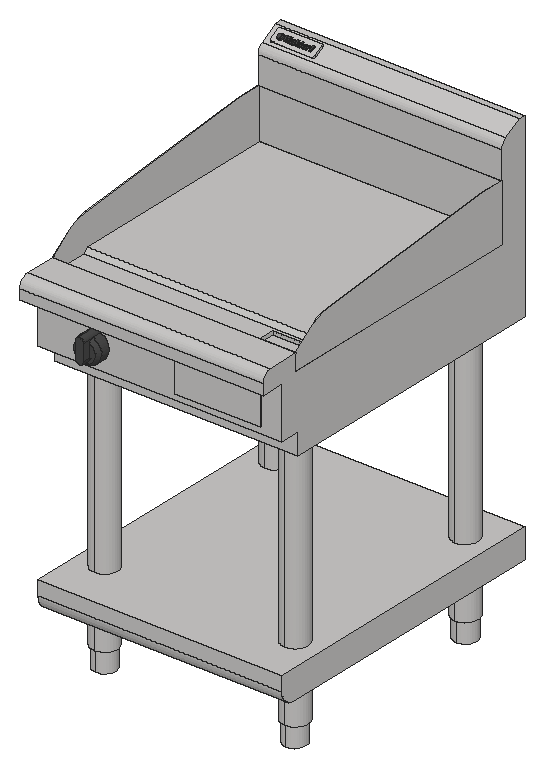
Revit family "QF_MOFFAT WALDORF_GP8600E-LS", category Specialty Equipment, Revit 2012
Parameters
  Weight in Pounds = 260.1452  # constant formula
  Width [instance] = 600.00 mm  # constant formula
  Watts = 7200 W
  Volts = 240 V
  URL Cutsheet = "www.moffat.com"
  URL = "www.moffat.com"
  Type Mark [instance] = ""
  Status [instance] = ""
  Specification by User [instance] = ""
  Specification by Manufacturer = ""
  Show Logo [instance] = yes
  Show Casters [instance] = no
  Serial Number = ""
  Seismic Rating = ""
  SMACNA No = ""
  Revision Code [instance] = ""
  Phase = 1
  Omniclass Number and Title = ""
  Number of Poles = 1
  NAFEM Spec ID Number = ""
  Model = "GP8600E-LS"
  Min Ckt Ampacity = 0 A
  Max Overcurrent Protection = 0 A
  Masterspec = ""
  Manufacturer = "MOFFAT WALDORF"
  Legs [instance] = not(Show Casters)  # yes
  Item Number [instance] = ""
  Installed By [instance] = ""
  Identify Quantity as Lot [instance] = yes
  Height = 1130.00 mm  # constant formula
  HP = ""
  Furnished By [instance] = ""
  Foodservice Equipment Identifier [instance] = yes
  FL Amps = 30 A
  Elec Conn RI Height = 0.00 mm
  Elec Conn Connection Height = 0.00 mm
  Description = "GRIDDLE PLATE ELECTRIC ON LEG STAND"
  Depth [instance] = 805.00 mm  # constant formula
  Cycle = 50 Hz
  Conn Plug = ""
  Conn Conduit = yes
  CSI MasterFormat = ""
  CSI Master Format = ""
  Back Splash [instance] = 215.00 mm  # constant formula
  Apparent Power = if(Phase = 3, Volts * FL Amps * 1.73, Volts * FL Amps)  # 7200 VA
Reference planes
  plane 1 "BACK": y = 0
  plane 2: z = 0
  plane 3 "LEFT": x = 0
  plane 4 "RIGHT": x = 600
  plane 5 "FRONT": y = -805
  plane 6 "TOP": z = 1130
  plane 7 "Center Y": x = 300
  plane 8 "Center X": y = -402.5
  plane 9 "Base Height": z = 150
  plane 10: z = 915
  plane 11: x = 65
  plane 12: x = 534
  plane 13: y = -625
  plane 14: y = -100
  plane 15: x = 470
  plane 16: z = 710
  plane 17: y = -32
Forms (mm)
  Extrusion 1, solid, material "QF_Finishes_Stainless Steel"
    sketch origin (0, 0, 0) x (0, 1, 0) y (0, 0, 1)
      loop
        line (0, 222.5) -> (-749, 222.5) -> (-749, 188)
        arc (-749, 188) -> (-737.87, 161.13) -> (-711, 150) r 38
        line (-711, 150) -> (0, 150) -> (0, 222.5)
      loop
        line (-805, 891) -> (-805, 866) -> (-749, 866) -> (-749, 740) -> (-699, 740) -> (-699, 685) -> (0, 685) -> (0, 1130) -> (-16.5, 1130) -> (-58, 1106.04)
        arc (-58, 1106.04) -> (-66.785, 1097.255) -> (-70, 1085.255) r 24
        line (-70, 1085.255) -> (-70, 875) -> (-705, 875) -> (-705, 915) -> (-781, 915)
        arc (-781, 915) -> (-797.971, 907.971) -> (-805, 891) r 24
    from 0 to 600
  Extrusion 2, solid, material "QF_Finishes_Stainless Steel"
    sketch origin (0, -699, 222.5) x (0, -1, 0) y (1, 0, 0)
      loop
        circle (-599, 65) r 31.75
      loop
        circle (-599, 534) r 31.75
      loop
        circle (-74, 65) r 31.75
      loop
        circle (-74, 534) r 31.75
    from 0 to 462.5
  Revolve 3, solid, material "QF_Finishes_Stainless Steel", visible <- "Legs"
    sketch origin (534, -210, 0) x (0, 1, 0) y (0, 0, -1)
      loop
        line (78.25, -150) -> (110, -150) -> (110, 0) -> (82.5, 0) -> (82.5, -50) -> (78.25, -50) -> (78.25, -150)
      axis (110, -150) -> (110, 0)
    angle from 0 to 360
  Revolve 4, solid, material "QF_Finishes_Stainless Steel"
    sketch origin (534, -735, 0) x (0, 1, 0) y (0, 0, -1)
      loop
        line (78.25, -150) -> (110, -150) -> (110, 0) -> (82.5, 0) -> (82.5, -50) -> (78.25, -50) -> (78.25, -150)
      axis (110, -150) -> (110, 0)
    angle from 0 to 360
  Revolve 5, solid, material "QF_Finishes_Stainless Steel", visible <- "Legs"
    sketch origin (65, -210, 0) x (0, 1, 0) y (0, 0, -1)
      loop
        line (78.25, -150) -> (110, -150) -> (110, 0) -> (82.5, 0) -> (82.5, -50) -> (78.25, -50) -> (78.25, -150)
      axis (110, -150) -> (110, 0)
    angle from 0 to 360
  Revolve 6, solid, material "QF_Finishes_Stainless Steel"
    sketch origin (65, -735, 0) x (0, 1, 0) y (0, 0, -1)
      loop
        line (78.25, -150) -> (110, -150) -> (110, 0) -> (82.5, 0) -> (82.5, -50) -> (78.25, -50) -> (78.25, -150)
      axis (110, -150) -> (110, 0)
    angle from 0 to 360
  Revolve 7, solid, material "QF_Finishes_Black"
    sketch origin (150, 0, 602.373) x (0, 1, 0) y (0, 0, -1)
      loop
        line (-782, -229.5) -> (-759, -229.5) -> (-759, -202) -> (-749, -202) -> (-749, -197) -> (-793, -197) -> (-793, -223.651) -> (-782, -229.5)
      axis (-793, -197) -> (-749, -197)
    angle from 0 to 360
  Extrusion 8, solid, material "QF_Finishes_Black"
    sketch origin (288.27, 0, 602.531) x (-1, 0, 0) y (0, 0, -1)
      loop
        arc (148.269, -184.969) -> (138.269, -174.969) -> (128.269, -184.969) r 10
        line (128.269, -184.969) -> (128.269, -223.969)
        arc (128.269, -223.969) -> (138.269, -233.969) -> (148.269, -223.969) r 10
        line (148.269, -223.969) -> (148.269, -184.969)
    from 759 to 808
  Extrusion 9, solid, material "QF_Finishes_Stainless Steel"
    sketch origin (0, -749, 866) x (0, 0, -1) y (1, 0, 0)
      loop
        line (24, 340) -> (111, 340) -> (111, 550) -> (24, 550) -> (24, 340)
    from 0 to 2.5
  Extrusion 10, solid, material "QF_Finishes_Stainless Steel"
    sketch origin (0, -751.5, 866) x (0, 0, -1) y (1, 0, 0)
      loop
        line (31, 550) -> (24, 550) -> (24, 340) -> (31, 340) -> (31, 550)
    from 0 to 5
  Extrusion 11, void
    sketch origin (0, -704, 740) x (1, 0, 0) y (0, -1, 0)
      loop
        circle (470.171, -672) r 13.5
    from 30 to 68.751
Cuts and joins
  joined: Extrusion 9, Extrusion 10
  Extrusion 11 cuts Extrusion 1
Lines and regions (mm)
  Split face 1
    outline origin (12.5, -16.5, 1130) x (0, -0.866025, -0.5) y (1, 0, 0)
      loop
        line (5.391, 151.462) -> (40.361, 151.462) -> (40.361, 169.241) -> (5.391, 169.241) -> (5.391, 151.462)
  Split face 2
    outline origin (66.25, -16.5, 1130) x (0, -0.866025, -0.5) y (1, 0, 0)
      loop
        line (5.391, 151.462) -> (40.361, 151.462) -> (40.361, 169.241) -> (5.391, 169.241) -> (5.391, 151.462)
  Split face 3
    outline origin (120, -16.5, 1130) x (0, -0.866025, -0.5) y (1, 0, 0)
      loop
        line (5.391, 151.462) -> (40.361, 151.462) -> (40.361, 169.241) -> (5.391, 169.241) -> (5.391, 151.462)
  Split face 4
    outline origin (173.75, -16.5, 1130) x (0, -0.866025, -0.5) y (1, 0, 0)
      loop
        line (5.391, 151.462) -> (40.361, 151.462) -> (40.361, 169.241) -> (5.391, 169.241) -> (5.391, 151.462)
  Split face 5
    outline origin (227.5, -16.5, 1130) x (0, -0.866025, -0.5) y (1, 0, 0)
      loop
        line (5.391, 151.462) -> (40.361, 151.462) -> (40.361, 169.241) -> (5.391, 169.241) -> (5.391, 151.462)
  Split face 6
    outline origin (281.25, -16.5, 1130) x (0, -0.866025, -0.5) y (1, 0, 0)
      loop
        line (5.391, 151.462) -> (40.361, 151.462) -> (40.361, 169.241) -> (5.391, 169.241) -> (5.391, 151.462)
  Split face 7
    outline origin (335, -16.5, 1130) x (0, -0.866025, -0.5) y (1, 0, 0)
      loop
        line (5.391, 151.462) -> (40.361, 151.462) -> (40.361, 169.241) -> (5.391, 169.241) -> (5.391, 151.462)
  symbolic lines
    curve 1: line (0, 0, 0) -> (0, -805, 0)
    curve 2: line (600, 0, 0) -> (0, 0, 0)
    curve 3: line (600, -805, 0) -> (600, 0, 0)
    curve 4: line (0, -70, 0) -> (600, -70, 0)
    curve 5: line (0, -805, 0) -> (600, -805, 0)
    curve 6: line (12.5, -20.958, 0) -> (121.5, -20.958, 0)
    curve 7: line (12.5, -51.234, 0) -> (12.5, -20.958, 0)
    curve 8: line (121.5, -20.958, 0) -> (121.5, -51.234, 0)
    curve 9: line (12.5, -51.234, 0) -> (121.5, -51.234, 0)
    curve 10: line (181.741, -21.168, 0) -> (181.741, -51.453, 0)
    curve 11: line (181.741, -51.453, 0) -> (163.962, -51.453, 0)
    curve 12: line (163.962, -51.453, 0) -> (163.962, -21.168, 0)
    curve 13: line (163.962, -21.168, 0) -> (181.741, -21.168, 0)
    curve 14: line (217.712, -51.453, 0) -> (217.712, -21.168, 0)
    curve 15: line (217.712, -21.168, 0) -> (235.491, -21.168, 0)
    curve 16: line (235.491, -21.168, 0) -> (235.491, -51.453, 0)
    curve 17: line (235.491, -51.453, 0) -> (217.712, -51.453, 0)
    curve 18: line (271.462, -51.453, 0) -> (271.462, -21.168, 0)
    curve 19: line (271.462, -21.168, 0) -> (289.241, -21.168, 0)
    curve 20: line (289.241, -21.168, 0) -> (289.241, -51.453, 0)
    curve 21: line (289.241, -51.453, 0) -> (271.462, -51.453, 0)
    curve 22: line (325.212, -21.168, 0) -> (325.212, -51.453, 0)
    curve 23: line (325.212, -51.453, 0) -> (342.991, -51.453, 0)
    curve 24: line (342.991, -51.453, 0) -> (342.991, -21.168, 0)
    curve 25: line (342.991, -21.168, 0) -> (325.212, -21.168, 0)
    curve 26: line (378.962, -51.453, 0) -> (378.962, -21.168, 0)
    curve 27: line (378.962, -21.168, 0) -> (396.741, -21.168, 0)
    curve 28: line (396.741, -21.168, 0) -> (396.741, -51.453, 0)
    curve 29: line (396.741, -51.453, 0) -> (378.962, -51.453, 0)
    curve 30: line (432.712, -21.168, 0) -> (432.712, -51.453, 0)
    curve 31: line (432.712, -51.453, 0) -> (450.491, -51.453, 0)
    curve 32: line (450.491, -51.453, 0) -> (450.491, -21.168, 0)
    curve 33: line (450.491, -21.168, 0) -> (432.712, -21.168, 0)
    curve 34: line (486.462, -51.453, 0) -> (486.462, -21.168, 0)
    curve 35: line (486.462, -21.168, 0) -> (504.241, -21.168, 0)
    curve 36: line (504.241, -21.168, 0) -> (504.241, -51.453, 0)
    curve 37: line (504.241, -51.453, 0) -> (486.462, -51.453, 0)
Dimensions and locks
  equal spacing: plane 3 "LEFT", plane 7 "Center Y", plane 4 "RIGHT"
  "Width": plane 3 "LEFT" to plane 4 "RIGHT"
  equal spacing: plane 5 "FRONT", plane 8 "Center X", plane 1 "BACK"
  "Depth": plane 5 "FRONT" to plane 1 "BACK"
  locked: plane 10 to level at 915
  locked: plane 9 "Base Height" to level at 150
  plane 6 "TOP" to nested 1 to nested 1 to plane 10 = 1.099 mm locked, 17.226 mm locked, 196.675 mm
  plane 13 to plane 14 = 525.00 mm
  plane 12 to plane 11 = 469.00 mm
  "Height": plane 6 "TOP" to level
  plane 15 to plane 4 "RIGHT" = 130.00 mm
  plane 16 to level = 710.00 mm
  plane 17 to plane 1 "BACK" = 32.00 mm
  aligned and locked: level to plane 2
Automatic sketch dimensions
  plane 1 "BACK" to curve 1 = 0.00 mm
  curve 1 to plane 3 "LEFT" = 0.00 mm
  curve 3 to plane 4 "RIGHT" = 0.00 mm
  plane 5 "FRONT" to curve 5 = 0.00 mm
  plane 3 "LEFT" to curve 6 = 12.50 mm
  plane 11 to curve 9 = 56.50 mm
  plane 14 to curve 4 = 30.00 mm
  curve 4 to curve 7 = 18.766 mm
  plane 1 "BACK" to curve 6 = 20.958 mm
  Extrusion 1 sketch curve to plane 5 "FRONT" = 0.00 mm
  Extrusion 1 sketch curve to plane 10 = 0.00 mm
  Extrusion 1 sketch curve to plane 9 "Base Height" = 0.00 mm
  Extrusion 1 sketch curve to plane 6 "TOP" = 0.00 mm
  Extrusion 1 sketch curve to plane 1 "BACK" = 0.00 mm  (x2)
  Extrusion 1 sketch curve to plane 5 "FRONT" = 24.00 mm
  Extrusion 1 sketch curve to plane 5 "FRONT" = 56.00 mm  (x2)
  Extrusion 1 sketch curve to Extrusion 1 sketch curve = 38.00 mm
  Extrusion 1 sketch curve to Extrusion 1 sketch curve = 44.00 mm
  Extrusion 1 sketch curve to Extrusion 1 sketch curve = 50.00 mm
  plane 14 to Extrusion 1 sketch curve = 30.00 mm
  Extrusion 1 sketch curve to Extrusion 1 sketch curve = 12.00 mm  (x2)
  Extrusion 1 sketch curve to Extrusion 1 sketch curve = 16.50 mm
  Extrusion 1 sketch curve to Extrusion 1 sketch curve = 72.50 mm
  Extrusion 1 sketch curve to plane 10 = 230.00 mm
  Extrusion 1 sketch curve to Extrusion 1 sketch curve = 55.00 mm
  Extrusion 1 sketch curve to Extrusion 1 sketch curve = 25.00 mm
  Extrusion 1 sketch curve to plane 10 = 40.00 mm
  Extrusion 1 sketch curve to plane 6 "TOP" = 44.745 mm
  Extrusion 2 sketch curve to Extrusion 2 sketch curve = 0.00 mm  (x8)
  Extrusion 1 to Extrusion 2 sketch curve = 68.25 mm  (x2)
  Extrusion 2 sketch curve to Extrusion 2 sketch curve = 31.75 mm  (x4)
  Extrusion 1 to Extrusion 2 sketch curve = 155.75 mm  (x2)
  Extrusion 1 to Extrusion 2 sketch curve = 65.00 mm  (x2)
  Extrusion 1 to Extrusion 2 sketch curve = 66.00 mm  (x2)
  Revolve 3 sketch curve to plane 9 "Base Height" = 0.00 mm
  Revolve 3 sketch curve to level = 0.00 mm
  Revolve 3 sketch curve to plane 14 = 0.00 mm  (x2)
  Revolve 3 sketch curve to plane 14 = 27.50 mm
  Revolve 3 sketch curve to plane 14 = 31.75 mm
  level to Revolve 3 sketch curve = 50.00 mm
  Revolve 3 sketch curve to Revolve 3 sketch curve = 0.00 mm
  Revolve 3 sketch curve to Revolve 3 sketch curve = 55.00 mm
  Revolve 4 sketch curve to plane 9 "Base Height" = 0.00 mm
  Revolve 4 sketch curve to level = 0.00 mm
  Revolve 4 sketch curve to plane 13 = 0.00 mm  (x2)
  Revolve 4 sketch curve to plane 13 = 27.50 mm
  Revolve 4 sketch curve to plane 13 = 31.75 mm
  level to Revolve 4 sketch curve = 50.00 mm
  Revolve 4 sketch curve to Revolve 4 sketch curve = 0.00 mm
  Revolve 4 sketch curve to Revolve 4 sketch curve = 55.00 mm
  Revolve 5 sketch curve to plane 9 "Base Height" = 0.00 mm
  Revolve 5 sketch curve to level = 0.00 mm
  Revolve 5 sketch curve to plane 14 = 0.00 mm  (x2)
  Revolve 5 sketch curve to plane 14 = 27.50 mm
  Revolve 5 sketch curve to plane 14 = 31.75 mm
  level to Revolve 5 sketch curve = 50.00 mm
  Revolve 5 sketch curve to Revolve 5 sketch curve = 0.00 mm
  Revolve 5 sketch curve to Revolve 5 sketch curve = 55.00 mm
  Revolve 6 sketch curve to plane 9 "Base Height" = 0.00 mm
  Revolve 6 sketch curve to level = 0.00 mm
  Revolve 6 sketch curve to plane 13 = 0.00 mm  (x2)
  Revolve 6 sketch curve to plane 13 = 27.50 mm
  Revolve 6 sketch curve to plane 13 = 31.75 mm
  level to Revolve 6 sketch curve = 50.00 mm
  Revolve 6 sketch curve to Revolve 6 sketch curve = 0.00 mm
  Revolve 6 sketch curve to Revolve 6 sketch curve = 55.00 mm
  Extrusion 1 to Split face 1 sketch curve = 5.391 mm
  Split face 1 sketch curve to Extrusion 1 = 7.559 mm
  Split face 1 sketch curve to Extrusion 1 = 163.962 mm
  Split face 1 sketch curve to Split face 1 sketch curve = 17.779 mm
  Extrusion 1 to Split face 2 sketch curve = 5.391 mm
  Split face 2 sketch curve to Extrusion 1 = 7.559 mm
  Split face 2 sketch curve to Extrusion 1 = 217.712 mm
  Split face 2 sketch curve to Split face 2 sketch curve = 17.779 mm
  Extrusion 1 to Split face 3 sketch curve = 5.391 mm
  Split face 3 sketch curve to Extrusion 1 = 7.559 mm
  Split face 3 sketch curve to Extrusion 1 = 271.462 mm
  Split face 3 sketch curve to Split face 3 sketch curve = 17.779 mm
  Extrusion 1 to Split face 4 sketch curve = 5.391 mm
  Split face 4 sketch curve to Extrusion 1 = 7.559 mm
  Split face 4 sketch curve to Extrusion 1 = 274.788 mm
  Split face 4 sketch curve to Split face 4 sketch curve = 17.779 mm
  Extrusion 1 to Split face 5 sketch curve = 5.391 mm
  Split face 5 sketch curve to Extrusion 1 = 7.559 mm
  Split face 5 sketch curve to Extrusion 1 = 221.038 mm
  Split face 5 sketch curve to Split face 5 sketch curve = 17.779 mm
  Extrusion 1 to Split face 6 sketch curve = 5.391 mm
  Split face 6 sketch curve to Extrusion 1 = 7.559 mm
  Split face 6 sketch curve to Extrusion 1 = 167.288 mm
  Split face 6 sketch curve to Split face 6 sketch curve = 17.779 mm
  Extrusion 1 to Split face 7 sketch curve = 5.391 mm
  Split face 7 sketch curve to Extrusion 1 = 7.559 mm
  Split face 7 sketch curve to Extrusion 1 = 113.538 mm
  Split face 7 sketch curve to Split face 7 sketch curve = 17.779 mm
  curve 8 to curve 12 = 42.462 mm
  curve 12 to curve 13 = 17.779 mm
  curve 12 to curve 8 = 0.219 mm
  plane 1 "BACK" to curve 10 = 21.168 mm
  curve 10 to curve 15 = 35.971 mm
  curve 14 to curve 17 = 17.779 mm
  curve 10 to curve 17 = 0.00 mm
  plane 1 "BACK" to curve 15 = 21.168 mm
  curve 18 to plane 7 "Center Y" = 28.538 mm
  curve 21 to plane 7 "Center Y" = 10.759 mm
  curve 16 to curve 18 = 0.00 mm
  plane 1 "BACK" to curve 20 = 21.168 mm
  plane 7 "Center Y" to curve 23 = 25.212 mm
  curve 22 to curve 25 = 17.779 mm
  plane 14 to curve 24 = 48.547 mm
  plane 1 "BACK" to curve 25 = 21.168 mm
  curve 24 to curve 27 = 35.971 mm
  curve 26 to curve 29 = 17.779 mm
  plane 14 to curve 29 = 48.547 mm
  plane 1 "BACK" to curve 26 = 21.168 mm
  curve 28 to curve 30 = 35.971 mm
  curve 30 to curve 33 = 17.779 mm
  plane 14 to curve 32 = 48.547 mm
  plane 1 "BACK" to curve 33 = 21.168 mm
  curve 31 to curve 34 = 35.971 mm
  curve 34 to curve 37 = 17.779 mm
  plane 14 to curve 37 = 48.547 mm
  plane 1 "BACK" to curve 34 = 21.168 mm
  Revolve 7 sketch curve to plane 5 "FRONT" = 12.00 mm
  Revolve 7 sketch curve to Revolve 7 sketch curve = 0.00 mm  (x2)
  Revolve 7 sketch curve to Revolve 7 sketch curve = 11.00 mm
  Revolve 7 sketch curve to Revolve 7 sketch curve = 12.70 mm
  Revolve 7 sketch curve to Revolve 7 sketch curve = 23.00 mm
  Revolve 7 sketch curve to Revolve 7 sketch curve = 10.00 mm
  plane 9 "Base Height" to Revolve 7 sketch curve = 681.873 mm
  Revolve 7 sketch curve to Revolve 7 sketch curve = 5.849 mm
  Revolve 7 sketch curve to Revolve 7 sketch curve = 27.50 mm
  Revolve 7 sketch curve to Revolve 7 sketch curve = 5.00 mm
  plane 11 to Extrusion 8 sketch curve = 95.001 mm
  Extrusion 8 sketch curve to Extrusion 8 sketch curve = 10.00 mm
  plane 9 "Base Height" to Extrusion 8 sketch curve = 676.50 mm
  plane 9 "Base Height" to Extrusion 8 sketch curve = 637.50 mm
  Extrusion 10 sketch curve to Extrusion 9 = 0.00 mm  (x2)
  Extrusion 9 to Extrusion 10 sketch curve = 0.00 mm
  Extrusion 10 sketch curve to Extrusion 9 = 7.00 mm
  Extrusion 1 to Extrusion 9 sketch curve = 24.00 mm
  Extrusion 9 sketch curve to Extrusion 1 = 15.00 mm
  Extrusion 1 to Extrusion 9 sketch curve = 260.00 mm
  Extrusion 1 to Extrusion 9 sketch curve = 50.00 mm
  Extrusion 11 sketch curve to Extrusion 1 = 129.829 mm
  Extrusion 11 sketch curve to Extrusion 1 = 667.00 mm
  radius of Extrusion 11 sketch curve = 13.50 mm
Nested families
  nested 1: "WALDORF-LOGO" at (12.5, -35.273, 1102.604), visible <- "Show Logo", type "WALDORF-LOGO", detail levels medium+fine
    with Type Mark "", Status "", Specification by User "", Revision Code "", Item Number "", Installed By "", Identify Quantity as Lot yes, Furnished By "", Foodservice Equipment Identifier yes
  nested 2: "GP8600E-LS-CASTERS" at (65, -127.5, 0), Show Casters <- "Show Casters", visible <- "Show Casters", type "GP8600E-LS-CASTERS"
    with Type Mark "", Status "", Specification by User "", Show Casters no, Revision Code "", Item Number "", Installed By "", Identify Quantity as Lot yes, Furnished By "", Foodservice Equipment Identifier yes
  nested 3: "GP8600E-LS-CASTERS" at (535, -127.5, 0), Show Casters <- "Show Casters", visible <- "Show Casters", type "GP8600E-LS-CASTERS"
    with Type Mark "", Status "", Specification by User "", Show Casters no, Revision Code "", Item Number "", Installed By "", Identify Quantity as Lot yes, Furnished By "", Foodservice Equipment Identifier yes
  nested 4: "GAS GRIDDLE PLATE" at (0, -70, 884.5), type "GAS GRIDDLE PLATE"
    with Type Mark "", Status "", Specification by User "", Show Clearance yes, Revision Code "", Number of Poles 1, Mechanical Remarks "", Mechanical Connection Type "", Item Number "", Installed By "", Identify Quantity as Lot yes, Gas RI Height 0.00 mm, Gas KW 0, Gas Input 0.0 Btu/h, Furnished By "", Foodservice Equipment Identifier yes, Electrical Remarks "", Electric Connection Type "", Elec Conn RI Height 0.00 mm, Elec Conn Connection Height 0.00 mm
Connectors
  electrical at (470.171, -32, 710), driven by "Volts", driven by "Watts"
    settings: on cut or joined group of Extrusion 1, Extrusion 11, index 1, voltage 240 V, apparent load 7200 VA, apparent load phase1 0 VA, apparent load phase2 0 VA, apparent load phase3 0 VA, power factor 1, load classification "Other", number of poles 1, system type 30, power factor state 1, is connector primary yes, connector utility no, sub classification motor no, connector description "ELEECTRICAL CONNECTION"
Definition of nested family "WALDORF-LOGO"
  Parameters (values of type "BT8300-CB-LOGO")
    Weight in Pounds = 0
    URL Cutsheet = ""
    Type Mark [instance] = ""
    Status [instance] = ""
    Specification by User [instance] = ""
    Specification by Manufacturer = ""
    Show Logo [instance] = yes
    Serial Number = ""
    Seismic Rating = ""
    SMACNA No = ""
    Revision Code [instance] = ""
    Omniclass Number and Title = ""
    NAFEM Spec ID Number = ""
    Masterspec = ""
    Item Number [instance] = ""
    Installed By [instance] = ""
    Identify Quantity as Lot [instance] = yes
    Furnished By [instance] = ""
    Foodservice Equipment Identifier [instance] = yes
    CSI MasterFormat = ""
    CSI Master Format = ""
  Reference planes
    plane 1 "BACK": y = 0
    plane 2: z = 0
    plane 3 "LEFT": x = 0
    plane 4 "RIGHT": x = 109
    plane 5 "FRONT": y = -1.588
    plane 6 "TOP": z = 34.14
    plane 7 "Center Y": x = 54.5
    plane 8 "Center X": y = -0.794
  Forms (mm)
    Extrusion 1, solid, material "QF_Finishes_Stainless Steel", visible <- "Show Logo"
      sketch origin (0, -15.16, 7.701) x (1, 0, 0) y (0, 0.863373, 0.504566)
        loop
          arc (5, 34.14) -> (1.464, 32.676) -> (0, 29.14) r 5
          line (0, 29.14) -> (0, 5)
          arc (0, 5) -> (1.464, 1.464) -> (5, 0) r 5
          line (5, 0) -> (104, 0)
          arc (104, 0) -> (107.536, 1.464) -> (109, 5) r 5
          line (109, 5) -> (109, 29.14)
          arc (109, 29.14) -> (107.536, 32.676) -> (104, 34.14) r 5
          line (104, 34.14) -> (5, 34.14)
      from 0 to 1.588
    Extrusion 2, solid, material "QF_Finishes_Black", visible <- "Show Logo"
      sketch origin (0, -15.961, 9.072) x (1, 0, 0) y (0, 0.863373, 0.504566)
        loop
          line (24.772, 23.214) -> (27.992, 10.301) -> (31.551, 10.301) -> (33.443, 17.364) -> (35.205, 10.301) -> (39.332, 10.301) -> (42.077, 23.214) -> (38.352, 23.214) -> (36.676, 15.33) -> (35, 23.214) -> (31.752, 23.214) -> (30.076, 15.33) -> (28.4, 23.214) -> (24.772, 23.214)
        loop
          line (42.272, 17.055) -> (45.703, 17.055)
          spline (45.703, 17.055) -> (45.741, 17.285) -> (45.852, 17.499) -> (46.028, 17.682) -> (46.258, 17.823) -> (46.526, 17.912) -> (46.813, 17.942) -> (47.1, 17.912) -> (47.368, 17.823) -> (47.597, 17.682) -> (47.774, 17.499) -> (47.884, 17.285) -> (47.922, 17.055)
          line (47.922, 17.055) -> (47.922, 16.222)
          arc (47.922, 16.222) -> (45.742, 16.014) -> (43.665, 15.317) r 9.604
          arc (43.665, 15.317) -> (41.924, 12.809) -> (43.665, 10.301) r 2.677
          arc (43.665, 10.301) -> (45.527, 10.353) -> (47.332, 10.816) r 8.365
          line (47.332, 10.816) -> (48.092, 11.105) -> (48.092, 10.301) -> (51.817, 10.301) -> (51.817, 17.055)
          spline (51.817, 17.055) -> (51.654, 17.821) -> (51.178, 18.535) -> (50.419, 19.148) -> (49.431, 19.619) -> (48.28, 19.914) -> (47.044, 20.015) -> (45.809, 19.914) -> (44.658, 19.619) -> (43.67, 19.148) -> (42.911, 18.535) -> (42.434, 17.821) -> (42.272, 17.055)
        loop
          line (53.151, 23.214) -> (53.151, 10.301) -> (57.37, 10.301) -> (57.37, 23.214) -> (53.151, 23.214)
        loop
          line (64.874, 23.214) -> (64.874, 18.857)
          arc (64.874, 18.857) -> (58.083, 15.11) -> (64.874, 11.363) r 4.429
          line (64.874, 11.363) -> (64.874, 10.301) -> (68.378, 10.301) -> (68.378, 23.214) -> (64.874, 23.214)
        loop
          arc (64.874, 16.083) -> (61.41, 14.987) -> (64.874, 13.891) r 1.905
          line (64.874, 13.891) -> (64.874, 16.083)
        loop
          circle (74.623, 15.223) r 5
        loop
          spline (74.623, 17.856) -> (74.355, 17.766) -> (74.105, 17.503) -> (73.891, 17.084) -> (73.726, 16.539) -> (73.623, 15.904) -> (73.588, 15.223) -> (73.623, 14.541) -> (73.726, 13.906) -> (73.891, 13.361) -> (74.105, 12.942) -> (74.355, 12.679) -> (74.623, 12.59)
          spline (74.623, 12.59) -> (74.891, 12.679) -> (75.141, 12.942) -> (75.355, 13.361) -> (75.52, 13.906) -> (75.623, 14.541) -> (75.659, 15.223) -> (75.623, 15.904) -> (75.52, 16.539) -> (75.355, 17.084) -> (75.141, 17.503) -> (74.891, 17.766) -> (74.623, 17.856)
        loop
          line (81.255, 19.813) -> (81.255, 10.301) -> (84.834, 10.301) -> (84.834, 14.176)
          arc (84.834, 14.176) -> (85.854, 16.093) -> (88.013, 16.32) r 2.313
          line (88.013, 16.32) -> (88.013, 19.813) -> (87.161, 19.813)
          arc (87.161, 19.813) -> (85.526, 19.266) -> (84.549, 17.844) r 2.717
          line (84.549, 17.844) -> (84.549, 19.813) -> (81.255, 19.813)
        loop
          line (90.249, 19.813) -> (88.91, 19.813) -> (88.91, 17.614) -> (90.249, 17.614) -> (90.249, 10.301) -> (93.998, 10.301) -> (93.998, 17.614) -> (95.418, 17.614) -> (95.418, 19.813) -> (93.998, 19.813)
          arc (93.998, 19.813) -> (94.414, 20.817) -> (95.418, 21.233) r 1.42
          line (95.418, 21.233) -> (95.418, 23.602) -> (93.317, 23.602)
          arc (93.317, 23.602) -> (91.343, 22.903) -> (90.249, 21.118) r 3.137
          line (90.249, 21.118) -> (90.249, 19.813)
        loop
          arc (15.241, 23.571) -> (8.392, 16.525) -> (15.241, 9.479) r 7.049
          line (15.241, 9.479) -> (15.241, 23.571)
        loop
          line (15.641, 23.571) -> (15.641, 9.479)
          arc (15.641, 9.479) -> (22.49, 16.525) -> (15.641, 23.571) r 7.049
        loop
          arc (47.922, 14.711) -> (46.266, 13.749) -> (47.922, 12.787) r 1.107
          line (47.922, 12.787) -> (47.922, 14.711)
      from 0 to 0.2
  Dimensions and locks
    equal spacing: plane 3 "LEFT", plane 7 "Center Y", plane 4 "RIGHT"
    plane 3 "LEFT" to plane 4 "RIGHT" = 109.00 mm
    equal spacing: plane 5 "FRONT", plane 8 "Center X", plane 1 "BACK"
    plane 5 "FRONT" to plane 1 "BACK" = 1.588 mm
    aligned and locked: level to plane 2
  Automatic sketch dimensions
    Extrusion 1 sketch curve to plane 3 "LEFT" = 0.00 mm
    Extrusion 1 sketch curve to plane 4 "RIGHT" = 0.00 mm
    plane 3 "LEFT" to Extrusion 1 sketch curve = 5.00 mm  (x2)
    plane 4 "RIGHT" to Extrusion 1 sketch curve = 5.00 mm  (x2)
    Extrusion 1 sketch curve to Extrusion 1 sketch curve = 24.14 mm
    Extrusion 2 sketch curve to Extrusion 2 sketch curve = 0.00 mm  (x14)
    Extrusion 2 sketch curve to Extrusion 1 = 15.241 mm
    Extrusion 2 sketch curve to Extrusion 2 sketch curve = 0.20 mm
    Extrusion 2 sketch curve to Extrusion 2 sketch curve = 0.40 mm
    Extrusion 2 sketch curve to Extrusion 2 sketch curve = 9.131 mm
    Extrusion 2 sketch curve to Extrusion 1 = 10.301 mm  (x2)
    Extrusion 2 sketch curve to Extrusion 2 sketch curve = 12.351 mm
    Extrusion 2 sketch curve to Extrusion 2 sketch curve = 3.628 mm
    Extrusion 2 sketch curve to Extrusion 2 sketch curve = 2.084 mm
    Extrusion 2 sketch curve to Extrusion 2 sketch curve = 3.559 mm
    Extrusion 2 sketch curve to Extrusion 1 = 10.926 mm  (x2)
    Extrusion 2 sketch curve to Extrusion 2 sketch curve = 3.352 mm  (x2)
    Extrusion 2 sketch curve to Extrusion 2 sketch curve = 3.367 mm
    Extrusion 2 sketch curve to Extrusion 2 sketch curve = 3.249 mm
    Extrusion 2 sketch curve to Extrusion 2 sketch curve = 3.654 mm
    Extrusion 2 sketch curve to Extrusion 1 = 15.33 mm
    Extrusion 2 sketch curve to Extrusion 2 sketch curve = 3.233 mm
    Extrusion 2 sketch curve to Extrusion 2 sketch curve = 4.128 mm
    Extrusion 2 sketch curve to Extrusion 2 sketch curve = 3.725 mm
    Extrusion 2 sketch curve to Extrusion 2 sketch curve = 5.596 mm
    Extrusion 2 sketch curve to Extrusion 2 sketch curve = 4.333 mm
    Extrusion 2 sketch curve to Extrusion 2 sketch curve = 1.394 mm
    Extrusion 2 sketch curve to Extrusion 2 sketch curve = 2.092 mm
    Extrusion 2 sketch curve to Extrusion 2 sketch curve = 0.936 mm
    Extrusion 2 sketch curve to Extrusion 2 sketch curve = 1.34 mm
    Extrusion 2 sketch curve to Extrusion 2 sketch curve = 1.109 mm
    Extrusion 2 sketch curve to Extrusion 2 sketch curve = 0.232 mm
    Extrusion 2 sketch curve to Extrusion 2 sketch curve = 2.731 mm
    Extrusion 2 sketch curve to Extrusion 2 sketch curve = 0.549 mm  (x2)
    Extrusion 2 sketch curve to Extrusion 2 sketch curve = 0.407 mm
    Extrusion 2 sketch curve to Extrusion 2 sketch curve = 0.76 mm
    Extrusion 2 sketch curve to Extrusion 2 sketch curve = 1.334 mm
    Extrusion 2 sketch curve to Extrusion 2 sketch curve = 4.219 mm
    Extrusion 2 sketch curve to Extrusion 2 sketch curve = 5.142 mm
    Extrusion 2 sketch curve to Extrusion 2 sketch curve = 0.803 mm
    Extrusion 2 sketch curve to Extrusion 2 sketch curve = 1.558 mm
    Extrusion 2 sketch curve to Extrusion 2 sketch curve = 3.504 mm
    Extrusion 2 sketch curve to Extrusion 2 sketch curve = 6.245 mm
    Extrusion 2 sketch curve to Extrusion 2 sketch curve = 6.632 mm
    Extrusion 2 sketch curve to Extrusion 2 sketch curve = 3.294 mm
    Extrusion 2 sketch curve to Extrusion 2 sketch curve = 3.579 mm
    Extrusion 2 sketch curve to Extrusion 2 sketch curve = 2.313 mm
    Extrusion 2 sketch curve to Extrusion 2 sketch curve = 2.612 mm
    Extrusion 2 sketch curve to Extrusion 2 sketch curve = 0.852 mm
    Extrusion 2 sketch curve to Extrusion 2 sketch curve = 0.897 mm
    Extrusion 2 sketch curve to Extrusion 2 sketch curve = 3.102 mm
    Extrusion 2 sketch curve to Extrusion 2 sketch curve = 1.338 mm
    Extrusion 2 sketch curve to Extrusion 2 sketch curve = 3.068 mm
    Extrusion 2 sketch curve to Extrusion 2 sketch curve = 0.681 mm
    Extrusion 2 sketch curve to Extrusion 2 sketch curve = 3.749 mm
    Extrusion 2 sketch curve to Extrusion 2 sketch curve = 1.42 mm
    Extrusion 2 sketch curve to Extrusion 2 sketch curve = 5.029 mm  (x2)
    Extrusion 2 sketch curve to Extrusion 1 = 9.479 mm
    Extrusion 2 sketch curve to Extrusion 2 sketch curve = 3.681 mm
    Extrusion 2 sketch curve to Extrusion 2 sketch curve = 0.515 mm
    Extrusion 2 sketch curve to Extrusion 2 sketch curve = 0.804 mm
    Extrusion 2 sketch curve to Extrusion 2 sketch curve = 1.062 mm
    Extrusion 2 sketch curve to Extrusion 2 sketch curve = 1.682 mm
    Extrusion 2 sketch curve to Extrusion 2 sketch curve = 2.508 mm
    Extrusion 2 sketch curve to Extrusion 2 sketch curve = 0.962 mm
    Extrusion 2 sketch curve to Extrusion 2 sketch curve = 2.528 mm
    Extrusion 2 sketch curve to Extrusion 2 sketch curve = 3.875 mm
    Extrusion 2 sketch curve to Extrusion 2 sketch curve = 1.096 mm
    Extrusion 2 sketch curve to Extrusion 2 sketch curve = 0.123 mm
    Extrusion 2 sketch curve to Extrusion 2 sketch curve = 4.922 mm
    Extrusion 2 sketch curve to Extrusion 2 sketch curve = 7.046 mm
    Extrusion 2 sketch curve to Extrusion 2 sketch curve = 0.833 mm
    Extrusion 2 sketch curve to Extrusion 2 sketch curve = 0.776 mm
    Extrusion 2 sketch curve to Extrusion 2 sketch curve = 2.034 mm
    Extrusion 2 sketch curve to Extrusion 2 sketch curve = 7.314 mm
    Extrusion 2 sketch curve to Extrusion 2 sketch curve = 1.295 mm
    Extrusion 2 sketch curve to Extrusion 2 sketch curve = 0.749 mm
    Extrusion 2 sketch curve to Extrusion 2 sketch curve = 2.633 mm
    Extrusion 2 sketch curve to Extrusion 2 sketch curve = 2.198 mm  (x2)
    Extrusion 2 sketch curve to Extrusion 2 sketch curve = 1.968 mm
    Extrusion 2 sketch curve to Extrusion 2 sketch curve = 0.653 mm
    Extrusion 2 sketch curve to Extrusion 2 sketch curve = 1.305 mm
    Extrusion 2 sketch curve to Extrusion 2 sketch curve = 4.357 mm
    Extrusion 2 sketch curve to Extrusion 2 sketch curve = 6.159 mm
    radius of Extrusion 2 sketch curve = 5.00 mm
Definition of nested family "GAS GRIDDLE PLATE"
  Parameters (values of type "Family2")
    Weight in Pounds = 0
    Watts = 0 W
    Volts = 0 V
    URL Cutsheet = ""
    Type Mark [instance] = ""
    Status [instance] = ""
    Specification by User [instance] = ""
    Specification by Manufacturer = ""
    Show Clearance [instance] = yes
    Serial Number = ""
    Seismic Rating = ""
    SMACNA No = ""
    Revision Code [instance] = ""
    Phase = 1
    Omniclass Number and Title = ""
    Number of Poles [instance] = 1
    NAFEM Spec ID Number = ""
    Min Ckt Ampacity = 0 A
    Mechanical Remarks [instance] = ""
    Mechanical Connection Type [instance] = ""
    Max Overcurrent Protection = 0 A
    Masterspec = ""
    Item Number [instance] = ""
    Installed By [instance] = ""
    Identify Quantity as Lot [instance] = yes
    HP = ""
    Gas Size = 0"
    Gas RI Height [instance] = 0.00 mm
    Gas KW [instance] = 0
    Gas Input [instance] = 0.0 Btu/h
    Gas Connection Height = 0.00 mm
    Furnished By [instance] = ""
    Foodservice Equipment Identifier [instance] = yes
    FL Amps = 0 A
    Electrical Remarks [instance] = ""
    Electric Connection Type [instance] = ""
    Elec Conn RI Height [instance] = 0.00 mm
    Elec Conn Connection Height [instance] = 0.00 mm
    Cycle = 0 Hz
    Conn Plug = ""
    Conn Conduit = yes
    CSI MasterFormat = ""
    CSI Master Format = ""
    Apparent Power = if(Phase = 3, Volts * FL Amps * 1.73, Volts * FL Amps)  # 0 VA
  Reference planes
    plane 1 "BACK": y = 0
    plane 2: z = 0
    plane 3 "LEFT": x = 0
    plane 4 "RIGHT": x = 600
    plane 5 "FRONT": y = -634.4
    plane 6 "TOP": z = 142.5
    plane 7 "Center Y": x = 300
    plane 8 "Center X": y = -317.2
  Forms (mm)
    Extrusion 1, solid, material "QF_Finishes_Stainless Steel"
      sketch origin (0, 70.003, -884.5) x (0, 1, 0) y (0, 0, 1)
        loop
          line (-70, 875) -> (-70, 1017.5) -> (-126.948, 1017.5) -> (-604.433, 971.523)
          arc (-604.433, 971.523) -> (-629.46, 965.803) -> (-652.206, 953.899) r 100
          line (-652.206, 953.899) -> (-704.403, 917.35) -> (-704.403, 875) -> (-70, 875)
      from 0 to 1.8
    Extrusion 2, solid, material "QF_Finishes_Stainless Steel"
      sketch origin (600, 70.003, -884.5) x (0, -1, 0) y (0, 0, 1)
        loop
          line (70, 875) -> (704.403, 875) -> (704.403, 917.35) -> (652.206, 953.899)
          arc (652.206, 953.899) -> (629.46, 965.803) -> (604.433, 971.523) r 100
          line (604.433, 971.523) -> (126.948, 1017.5) -> (70, 1017.5) -> (70, 875)
      from 0 to 1.2
    Extrusion 3, solid, material "QF_Finishes_Stainless Steel"
      sketch origin (150, 70.003, -884.5) x (0, 1, 0) y (0, 0, 1)
        loop
          line (-70, 895) -> (-601, 895) -> (-611.5, 884.5) -> (-704.403, 884.5) -> (-704.403, 875) -> (-70, 875) -> (-70, 895)
      from -148.2 to 448.8
    Extrusion 4, void
      sketch origin (150, -541.497, 0) x (0, -1, 0) y (1, 0, 0)
        loop
          line (10, 414.3) -> (10, 325.8) -> (48.5, 325.8) -> (48.5, 414.3) -> (10, 414.3)
      from -41.4 to 40.142
    Extrusion 5, solid, material "QF_Finishes_Stainless Steel"
      sketch origin (150, 0.003, 201.574) x (0, 0, -1) y (1, 0, 0)
        loop
          line (68.574, -148.2) -> (191.074, -148.2) -> (191.074, 448.8) -> (68.574, 448.8) -> (68.574, -148.2)
      from 0 to 1.683
  Cuts and joins
    Extrusion 4 cuts Extrusion 3
  Lines and regions (mm)
    symbolic lines
      curve 1: line (598.8, -530.997, 0) -> (1.8, -530.997, 0)
      curve 2: line (1.8, -541.497, 0) -> (598.8, -541.497, 0)
      curve 3: line (475.8, -551.497, 0) -> (475.8, -589.997, 0)
      curve 4: line (475.8, -589.997, 0) -> (564.3, -589.997, 0)
      curve 5: line (564.3, -589.997, 0) -> (564.3, -551.497, 0)
      curve 6: line (564.3, -551.497, 0) -> (475.8, -551.497, 0)
      curve 7: line (1.8, -1.68, 0) -> (598.8, -1.68, 0)
      curve 8: line (598.8, 0, 0) -> (598.8, -634.4, 0)
      curve 9: line (1.8, -634.4, 0) -> (1.8, 0, 0)
      curve 10: line (1.8, -634.4, 0) -> (598.8, -634.4, 0)
  Dimensions and locks
    equal spacing: plane 3 "LEFT", plane 7 "Center Y", plane 4 "RIGHT"
    plane 3 "LEFT" to plane 4 "RIGHT" = 600.00 mm
    equal spacing: plane 5 "FRONT", plane 8 "Center X", plane 1 "BACK"
    plane 5 "FRONT" to plane 1 "BACK" = 634.40 mm
    aligned and locked: level to plane 2
  Automatic sketch dimensions
    plane 1 "BACK" to Extrusion 1 sketch curve = 634.40 mm
    plane 1 "BACK" to Extrusion 1 sketch curve = 582.203 mm
    Extrusion 1 sketch curve to Extrusion 1 sketch curve = 47.773 mm
    Extrusion 1 sketch curve to level = 12.516 mm
    Extrusion 1 sketch curve to Extrusion 1 sketch curve = 9.585 mm
    Extrusion 1 sketch curve to plane 6 "TOP" = 9.50 mm
    Extrusion 1 sketch curve to Extrusion 1 sketch curve = 477.485 mm
    Extrusion 1 sketch curve to level = 9.50 mm
    Extrusion 1 sketch curve to Extrusion 1 sketch curve = 56.948 mm
    level to Extrusion 1 sketch curve = 32.85 mm
    Extrusion 1 sketch curve to Extrusion 1 sketch curve = 36.549 mm
    plane 1 "BACK" to Extrusion 2 sketch curve = 634.40 mm
    plane 1 "BACK" to Extrusion 2 sketch curve = 582.203 mm
    Extrusion 2 sketch curve to Extrusion 2 sketch curve = 47.773 mm
    Extrusion 2 sketch curve to level = 12.516 mm
    Extrusion 2 sketch curve to Extrusion 2 sketch curve = 57.358 mm
    Extrusion 2 sketch curve to plane 6 "TOP" = 9.50 mm
    Extrusion 2 sketch curve to Extrusion 2 sketch curve = 477.485 mm
    Extrusion 2 sketch curve to level = 9.50 mm
    Extrusion 2 sketch curve to Extrusion 2 sketch curve = 56.948 mm
    level to Extrusion 2 sketch curve = 32.85 mm
    Extrusion 2 sketch curve to Extrusion 2 sketch curve = 36.549 mm
    plane 1 "BACK" to Extrusion 3 sketch curve = 634.40 mm
    Extrusion 3 sketch curve to level = 0.00 mm
    plane 1 "BACK" to Extrusion 3 sketch curve = 541.497 mm
    Extrusion 3 sketch curve to Extrusion 3 sketch curve = 10.50 mm
    Extrusion 3 sketch curve to level = 9.50 mm
    Extrusion 3 sketch curve to Extrusion 3 sketch curve = 531.00 mm
    level to Extrusion 3 sketch curve = 10.50 mm
    Extrusion 3 to Extrusion 4 sketch curve = 10.00 mm
    Extrusion 4 sketch curve to Extrusion 4 sketch curve = 38.50 mm
    Extrusion 3 to Extrusion 4 sketch curve = 123.00 mm
    Extrusion 3 to Extrusion 4 sketch curve = 34.50 mm
    plane 3 "LEFT" to Extrusion 5 sketch curve = 598.80 mm
    Extrusion 5 sketch curve to plane 6 "TOP" = 9.50 mm
    level to Extrusion 5 sketch curve = 10.50 mm
    Extrusion 5 sketch curve to Extrusion 5 sketch curve = 597.00 mm
    plane 5 "FRONT" to curve 10 = 0.00 mm
    plane 3 "LEFT" to curve 1 = 1.80 mm
    curve 4 to plane 5 "FRONT" = 44.403 mm
    plane 4 "RIGHT" to curve 4 = 124.20 mm
    plane 4 "RIGHT" to curve 5 = 35.70 mm
    plane 4 "RIGHT" to curve 8 = 1.20 mm
    curve 3 to curve 3 = 38.50 mm
    curve 9 to curve 2 = 92.903 mm
    curve 2 to curve 1 = 10.50 mm
    plane 1 "BACK" to curve 9 = 0.00 mm
    curve 7 to curve 9 = 0.00 mm
    plane 1 "BACK" to curve 8 = 0.00 mm
    plane 4 "RIGHT" to curve 7 = 1.20 mm
    plane 1 "BACK" to curve 7 = 1.68 mm
Definition of nested family "GP8600E-LS-CASTERS"
  Parameters (values of type "BT8600-LS-CASTERS")
    Weight = ""
    URL Manufacturer = ""
    URL Cutsheet = ""
    URL = ""
    Type Mark [instance] = ""
    Status [instance] = ""
    Specification by User [instance] = ""
    Specification by Manufacturer = ""
    Show Casters [instance] = no
    Serial Number = ""
    Seismic Rating = ""
    SMACNA No = ""
    Revision Code [instance] = ""
    Omniclass Number and Title = ""
    NAFEM Spec ID Number = ""
    Model = ""
    MasterSpec. = ""
    Manufacturer = ""
    Item Number [instance] = ""
    Installed By [instance] = ""
    Identify Quantity as Lot [instance] = yes
    Furnished By [instance] = ""
    Foodservice Equipment Identifier [instance] = yes
    Description = ""
    CSI MasterFormat = ""
    CSI Master Format = ""
    Assembly Code = ""
  Reference planes
    plane 1: z = 0
    plane 2 "RIGHT": x = 0
    plane 3 "FRONT": y = 0
    plane 4 "Base Height": z = 150
  Forms (mm)
    Revolve 1, solid, material "QF_Finishes_Stainless Steel", visible <- "Show Casters"
      sketch origin (0, 56.335, 0) x (0, 1, 0) y (0, 0, 1)
        loop
          line (-56.335, 152.4) -> (-56.335, 141.118) -> (-23.798, 141.118) -> (-23.798, 152.4) -> (-56.335, 152.4)
        axis (-56.335, 141.118) -> (-56.335, 152.4)
      angle from 0 to 360
    Extrusion 2, solid, material "QF_Finishes_Stainless Steel", visible <- "Show Casters"
      sketch origin (-46.049, 56.335, 0) x (0, 1, 0) y (0, 0, 1)
        loop
          line (-85.799, 141.118) -> (-85.799, 133.498) -> (-82.136, 133.498)
          arc (-82.136, 133.498) -> (-79.344, 132.328) -> (-77.146, 130.248) r 8.432
          line (-77.146, 130.248) -> (-39.502, 49.52)
          arc (-39.502, 49.52) -> (-13.784, 46.107) -> (-5.673, 70.75) r 20.32
          arc (-5.673, 70.75) -> (-7.065, 73.611) -> (-8.887, 76.22) r 20.32
          arc (-8.887, 76.22) -> (-9.399, 85.377) -> (-6.626, 94.119) r 25.4
          line (-6.626, 94.119) -> (8.003, 121.632)
          arc (8.003, 121.632) -> (-2.347, 126.31) -> (-13.34, 129.167) r 66.802
          line (-13.34, 129.167) -> (-13.765, 133.498) -> (-26.871, 133.498) -> (-26.871, 141.118) -> (-85.799, 141.118)
      from 20.058 to 22.923
    Extrusion 3, solid, material "QF_Finishes_Stainless Steel", visible <- "Show Casters"
      sketch origin (3.326, 56.335, 0) x (0, 1, 0) y (0, 0, 1)
        loop
          line (-85.799, 141.118) -> (-85.799, 133.498) -> (-82.136, 133.498)
          arc (-82.136, 133.498) -> (-79.344, 132.328) -> (-77.146, 130.248) r 8.432
          line (-77.146, 130.248) -> (-39.502, 49.52)
          arc (-39.502, 49.52) -> (-13.784, 46.107) -> (-5.673, 70.75) r 20.32
          arc (-5.673, 70.75) -> (-7.065, 73.611) -> (-8.887, 76.22) r 20.32
          arc (-8.887, 76.22) -> (-9.399, 85.377) -> (-6.626, 94.119) r 25.4
          line (-6.626, 94.119) -> (8.003, 121.632)
          arc (8.003, 121.632) -> (-2.347, 126.31) -> (-13.34, 129.167) r 66.802
          line (-13.34, 129.167) -> (-13.765, 133.498) -> (-26.871, 133.498) -> (-26.871, 141.118) -> (-85.799, 141.118)
      from 20.058 to 22.923
    Extrusion 4, solid, material "QF_Finishes_Stainless Steel", visible <- "Show Casters"
      sketch origin (-49.224, 56.335, 0) x (0, 1, 0) y (0, 0, 1)
        loop
          line (-85.799, 141.118) -> (-85.799, 133.498) -> (-82.136, 133.498) -> (-18.877, 127.964) -> (7.14, 120.01) -> (8.003, 121.632)
          arc (8.003, 121.632) -> (-2.347, 126.31) -> (-13.34, 129.167) r 66.802
          line (-13.34, 129.167) -> (-13.765, 133.498) -> (-26.871, 133.498) -> (-26.871, 141.118) -> (-85.799, 141.118)
      from 26.098 to 72.56
    Revolve 5, solid, material "QF_Finishes_Stainless Steel", visible <- "Show Casters"
      sketch origin (-49.224, 30.821, 0) x (1, 0, 0) y (0, 0, 1)
        loop
          line (14.841, 63.604) -> (83.584, 63.604) -> (83.584, 67.109) -> (82.314, 68.379) -> (80.79, 68.379) -> (80.79, 71.826) -> (68.644, 71.826) -> (68.644, 81.79) -> (65.088, 83.843) -> (61.683, 104.879) -> (65.881, 104.879) -> (65.881, 111.229) -> (65.088, 111.229) -> (65.088, 117.579)
          arc (65.088, 117.579) -> (62.298, 124.314) -> (55.563, 127.104) r 9.525
          line (55.563, 127.104) -> (42.863, 127.104)
          arc (42.863, 127.104) -> (36.127, 124.314) -> (33.338, 117.579) r 9.525
          line (33.338, 117.579) -> (33.338, 111.229) -> (32.544, 111.229) -> (32.544, 104.879) -> (36.742, 104.879) -> (33.352, 83.932) -> (29.782, 81.871) -> (29.782, 71.826) -> (17.635, 71.826) -> (17.635, 68.379) -> (16.111, 68.379) -> (14.841, 67.109) -> (14.841, 63.604)
        axis (14.841, 63.604) -> (83.584, 63.604)
      angle from 0 to 360
  Cuts and joins
    joined: Extrusion 2, Extrusion 3, Extrusion 4
  Lines and regions (mm)
    symbolic lines, style "SpecialityEquipmentHiddenLines", visible <- "Show Casters"
      curve 1: line (18.009, 67.053, 0) -> (45.595, 51.127, 0)
      curve 2: line (-45.491, -42.932, 0) -> (18.009, 67.053, 0)
      curve 3: line (-17.905, -58.859, 0) -> (-45.491, -42.932, 0)
      curve 4: line (45.595, 51.127, 0) -> (-17.905, -58.859, 0)
  Dimensions and locks
    plane 4 "Base Height" to level = 150.00 mm  (x2)
    Revolve 5 sketch curve to Revolve 5 sketch curve = 63.50 mm
    aligned and locked: level to plane 1
